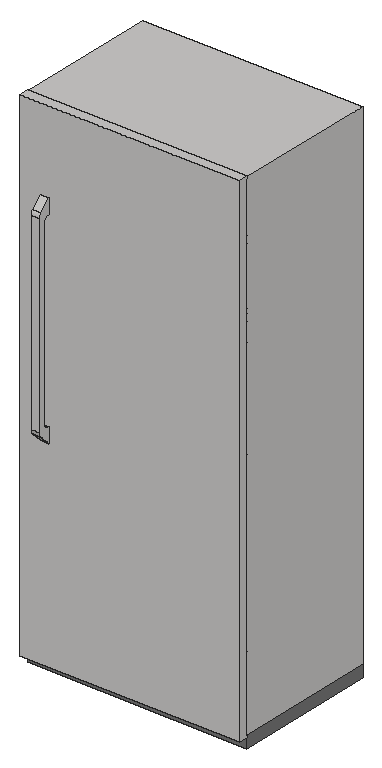
Revit family "DRZ36980RAP", category Specialty Equipment, Revit 2014
Parameters (values of type "DRZ36980RAP")
  Width = 35 3/4"
  Volts (V) = "115"
  Unit = Stainless Steel
  Total Unit Gross Capacity (cu.ft.) - AHAM = "21.4 cu. ft."
  Support = Plastic-Black
  Special Modes = "Sabbath Mode"
  Shelf Material = "Tempered, Metal Trim, Spill-Proof"
  Refrigerator Gross Capacity (cu.ft.) = "21.4 cu. ft."
  Push-To-Open™ Door Assist = "Yes"
  Precise Cooling = "Yes"
  Power Freeze = "Yes"
  Power Cord Length (in.) = "78 3/4\""
  Plug Type = "120 V, 3 Prong"
  Panel Ready = "Yes"
  Model = "DRZ36980RAP"
  Manufacturer = "Dacor"
  Lighting = "3DLighting™"
  Interior Material = "SteelCool™ Stainless Steel Interior"
  Ice Maker = "Dual Icemaker for Standard and Cocktail Ice™"
  Hidden Compartment with Flip-up cover = "1 ea"
  Height = 83 3/8"
  Handle = Stainless Steel
  Full Width Shelves = "3 ea"
  Full Extension Drawers at 90º Door Opening Angle = "Yes"
  Frequency (Hz) = "60"
  Freezer Drawer = "2 ea"
  Freezer - Power Freeze = "-8° (-23°)"
  Freezer = "5°(-15°) to -8° (-23°)"
  ENERGY STAR® Qualified = "Yes"
  Door Swing = "Right"
  Door Open Alarm = "Yes"
  Door Bins = "4 ea"
  Door = Stainless Steel
  Description = "36-INCH FREEZER COLUMN, RIGHT-HINGE"
  Depth = 25"
  Defrost Process = "Frost-Free"
  Dedicated Evaporator & Compressor System = "Yes"
  Current (A) = "3"
  Annual Energy Consumption = "580 kWy/year"
Reference planes (in)
  plane 1 "Center (Front/Back)": y = 0
  plane 2: z = 0
  plane 3 "Center (Left/Right)": x = 0
  plane 4: y = 12.5
  plane 5: y = -12.5
  plane 6: x = -17.875
  plane 7: x = 17.875
  plane 8: z = 83.375
  plane 9: z = 2
  plane 10: y = -14.375
  plane 11: y = -11
Forms (in)
  Extrusion 1, solid, material "Stainless Steel" <- "Unit"
    sketch origin (0, 0, 0) x (1, 0, 0) y (0, 1, 0)
      loop
        line (-17.875, -11) -> (-16.875, -11) -> (-16.875, 11.375) -> (16.875, 11.375) -> (16.875, -11) -> (17.875, -11) -> (17.875, 12.5) -> (-17.875, 12.5) -> (-17.875, -11)
    from 2 to 83.375
  Extrusion 2, solid, material "Stainless Steel" <- "Handle"
    sketch origin (0, 0, 0) x (1, 0, 0) y (0, 0, 1)
      loop
        line (-17.875, 1.57503) -> (17.875, 1.57503) -> (17.875, 83.5) -> (-17.875, 83.5) -> (-17.875, 1.57503)
    from 11 to 12.5
  Extrusion 3, solid, material "Plastic-Black" <- "Support"
    sketch origin (0, 0, 0) x (0, 1, 0) y (0, 0, 1)
      loop
        line (12.5, 2) -> (-11, 2) -> (-11, 0) -> (12.5, 0) -> (12.5, 2)
    from -17.875 to 17.875
  Extrusion 4, solid, material "Stainless Steel" <- "Unit"
    sketch origin (0, 0, 83.375) x (1, 0, 0) y (0, 1, 0)
      loop
        line (-16.875, 11.375) -> (-16.875, -11) -> (16.875, -11) -> (16.875, 11.375) -> (-16.875, 11.375)
    from 0 to -1.14126
  Extrusion 5, solid, material "Stainless Steel" <- "Handle"
    sketch origin (0, 0, 0) x (0, 1, 0) y (0, 0, 1)
      loop
        line (-12.5, 70.125) -> (-14.08211, 68.54289)
        arc (-14.08211, 68.54289) -> (-14.29888, 68.21847) -> (-14.375, 67.83579) r 1
        line (-14.375, 67.83579) -> (-14.375, 64.9375) -> (-13.4375, 64.9375) -> (-13.4375, 67.1875) -> (-12.96875, 67.65625) -> (-12.5, 67.65625) -> (-12.5, 70.125)
    from -14.55491 to -13.21363
  Extrusion 6, solid, material "Stainless Steel" <- "Handle"
    sketch origin (0, 0, 104.5) x (0, 1, 0) y (0, 0, 1)
      loop
        line (-12.5, -70.25) -> (-12.5, -67.78125) -> (-12.96875, -67.78125) -> (-13.4375, -67.3125) -> (-13.4375, -65.0625) -> (-14.375, -65.0625) -> (-14.375, -67.85723)
        arc (-14.375, -67.85723) -> (-14.27985, -68.33559) -> (-14.00888, -68.74112) r 1.25
        line (-14.00888, -68.74112) -> (-12.5, -70.25)
    from -14.55491 to -13.21363
  Extrusion 7, solid, material "Stainless Steel" <- "Handle"
    sketch origin (1.25, 0, 0) x (1, 0, 0) y (0, 1, 0)
      loop
        line (-15.80491, -13.4375) -> (-15.80491, -14.375) -> (-14.46363, -14.375) -> (-14.46363, -13.4375) -> (-15.80491, -13.4375)
    from 65.0625 to 39.4375
Cuts and joins
  joined: Extrusion 1, Extrusion 4
  joined: Extrusion 5, Extrusion 6, Extrusion 7
Dimensions and locks (in)
  equal spacing: plane 6, plane 3 "Center (Left/Right)", plane 7
  "Width": plane 6 to plane 7
  equal spacing: plane 4, plane 1 "Center (Front/Back)", plane 5
  "Depth": plane 4 to plane 5
  "Height": plane 8 to plane 2
  plane 9 to plane 2 = 2"
  plane 5 to plane 10 = 1 7/8"
  plane 11 to plane 5 = 1 1/2"
  Extrusion 3 to Extrusion 3 = 35 3/4"
  Extrusion 2 to Extrusion 3 = 25"
  Extrusion 3 to cut or joined group of Extrusion 1, Extrusion 4 = 83 3/8"
  aligned and locked: level to plane 2
  aligned and locked: Extrusion 3 to plane 6
  aligned and locked: plane 7 to Extrusion 3
Automatic sketch dimensions
  Extrusion 1 sketch curve to plane 6 = 0"
  Extrusion 1 sketch curve to plane 11 = 0"  (x2)
  Extrusion 1 sketch curve to plane 7 = 0"
  Extrusion 1 sketch curve to plane 4 = 0"
  Extrusion 1 sketch curve to Extrusion 1 sketch curve = 1"
  Extrusion 1 sketch curve to plane 7 = 1"
  Extrusion 1 sketch curve to plane 4 = 1 1/8"
  Extrusion 2 sketch curve to plane 6 = 0"
  Extrusion 2 sketch curve to plane 7 = 0"
  Extrusion 2 sketch curve to plane 9 = 0.42497"
  plane 8 to Extrusion 2 sketch curve = 1/8"
  Extrusion 3 sketch curve to plane 9 = 0"
  Extrusion 3 sketch curve to plane 11 = 0"
  Extrusion 3 sketch curve to level = 0"
  Extrusion 3 sketch curve to plane 4 = 0"
  Extrusion 1 to Extrusion 4 sketch curve = 0"  (x2)
  Extrusion 4 sketch curve to Extrusion 1 = 0"  (x2)
  Extrusion 5 sketch curve to plane 10 = 0"
  Extrusion 5 sketch curve to plane 5 = 0"
  Extrusion 5 sketch curve to plane 10 = 0.29289"
  Extrusion 5 sketch curve to plane 5 = 15/16"
  Extrusion 5 sketch curve to Extrusion 5 sketch curve = 1/16"
  Extrusion 5 sketch curve to Extrusion 5 sketch curve = 13/32"
  Extrusion 5 sketch curve to plane 8 = 18 7/16"
  Extrusion 5 sketch curve to Extrusion 5 sketch curve = 2 1/4"
  Extrusion 5 sketch curve to Extrusion 5 sketch curve = 15/32"
  Extrusion 5 sketch curve to Extrusion 5 sketch curve = 0.64829"
  Extrusion 5 sketch curve to Extrusion 5 sketch curve = 1.58211"
  Extrusion 6 sketch curve to plane 10 = 0"
  Extrusion 6 sketch curve to plane 5 = 0"
  Extrusion 6 sketch curve to plane 10 = 0.36612"
  Extrusion 6 sketch curve to plane 5 = 15/16"
  Extrusion 6 sketch curve to plane 5 = 5/8"
  Extrusion 6 sketch curve to Extrusion 6 sketch curve = 5/32"
  plane 9 to Extrusion 6 sketch curve = 32 1/4"
  Extrusion 6 sketch curve to Extrusion 6 sketch curve = 1.50888"
  Extrusion 6 sketch curve to Extrusion 6 sketch curve = 0.07598"
  Extrusion 6 sketch curve to Extrusion 6 sketch curve = 0.54473"
  Extrusion 6 sketch curve to Extrusion 6 sketch curve = 2 1/4"
  plane 10 to Extrusion 7 sketch curve = 0"
  plane 6 to Extrusion 7 sketch curve = 3.32009"
  Extrusion 7 sketch curve to Extrusion 7 sketch curve = 1.34127"
  Extrusion 7 sketch curve to plane 5 = 15/16"
